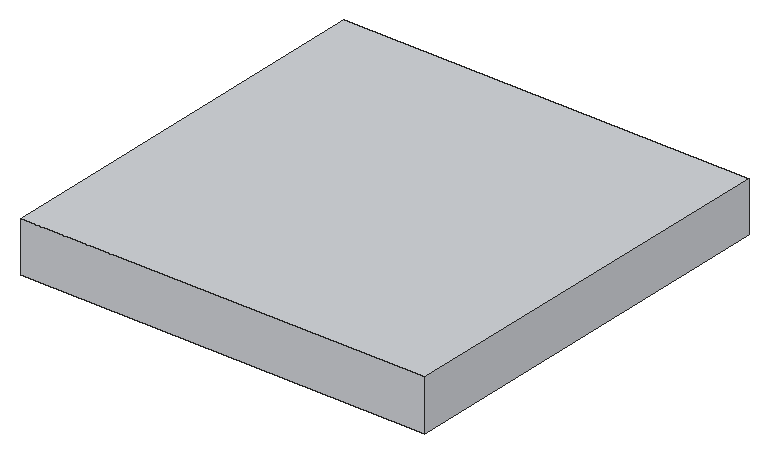
Revit family "00-8537-60-60", category Luminarias, Revit 2019
Family settings
  Anfitrión = Cara
  Cota de conector redondo = Diámetro de uso
  Tipo de pieza = Normal
  Número OmniClass = 23.80.70.00
  Título OmniClass = Lighting
  Corte con vacíos al cargar = No
  Origen de luz = No
  Compartido = Sí
  Punto de cálculo de habitación = No
Parameters (values of type "00-8537-60-60")
  Versión = "v1"
  Vatios (W) = 16.8
  Tipo de regulación = "0-10V / 1-10V / PUSH/ DALI"
  Tipo = "Pendant"
  Tender text (English) = "LEDS C4 Candle XS 5Bodies Chandelier 00-8537-60-60  Pendant for indoor use.   For downlighting. Structure material: Steel, Aluminium. Structure finish: Black. Diffuser material: Methacrylate. Diffuser finish: Transparent. Warranty: 5 Years.  Product net weight (Kg): 4.88 Product width or diameter (mm): 220 Product height (mm): 2500  Class 1. IP: IP20. LED. No. of lampholders or LEDs: 1. LED brand: CREE. Driver brand: TCI. Maximum power of light source: 15.6W. Colour temperature: 2700K. Colour rendering index: 80. MacAdam Steps: 2. Hours of life: 50.000h L80B20. UGR: 22.4. Photobiological risk: RG1. % de Flickering: &lt;5%. Real flux (lm): 844. Real lm/W: 50. Voltage / frequency range: 99-264/50-60Hz. Voltage: 9. Equipment included: Yes. Total power: 16.8. Power factor: 0.96. Dimmable equipment included: 0-10V / 1-10V / PUSH/ DALI."
  Tender text (Castellano) = "LEDS C4 Candle XS 5Bodies Chandelier 00-8537-60-60  Pendant for indoor use.   For downlighting. Structure material: Steel, Aluminium. Structure finish: Black. Diffuser material: Methacrylate. Diffuser finish: Transparent. Warranty: 5 Years.  Product net weight (Kg): 4.88 Product width or diameter (mm): 220 Product height (mm): 2500  Class 1. IP: IP20. LED. No. of lampholders or LEDs: 1. LED brand: CREE. Driver brand: TCI. Maximum power of light source: 15.6W. Colour temperature: 2700K. Colour rendering index: 80. MacAdam Steps: 2. Hours of life: 50.000h L80B20. UGR: 22.4. Photobiological risk: RG1. % de Flickering: &lt;5%. Real flux (lm): 844. Real lm/W: 50. Voltage / frequency range: 99-264/50-60Hz. Voltage: 9. Equipment included: Yes. Total power: 16.8. Power factor: 0.96. Dimmable equipment included: 0-10V / 1-10V / PUSH/ DALI."
  Temperatura color led (K) = "LED warm-white 2700K"
  Referencia = "00-8537-60-60"
  Rayo de luz = ""
  Producto descatalogado = "Catalogado EN"
  Pluma comercial = ""
  Peso neto (KG) = 4.88
  Material = "Steel, Aluminium, Methacrylate"
  Lumenes reales (lm) = 844
  LDT = "https://files.leds-c4.com/ldt/00-8537-60-60.html"
  Imagen web = "https://files.leds-c4.com/main-photo/00-8537-60-60"
  IfcExportType = "NOTDEFINED"
  IfcExportAs = "IfcLightFixture\r\nIfcLightFixture"
  IP = "IP20"
  IMC = "https://files.leds-c4.com/imc/00-8537-60-60.html"
  IK = ""
  Fuente de luz = ""
  Fotometría = "https://files.leds-c4.com/fm/00-8537-60-60.html"
  Ficha = "https://files.leds-c4.com/ft/en/00-8537-60-60.html"
  FechaVersion = "Creada: 23/12/2022"
  Familia = "Candle XS 5Bodies Chandelier"
  Fabricante = "LEDS C4"  # constant formula
  Etiqueta V/f = "100-240V/50-60Hz"
  Elevación por defecto = 1000 mm
  Eficiencia energética = "F"
  EAN13 = "8445386108018"
  DescripcionUniformat2010 = "Lighting"
  DescripcionUniclass2015 = "Lighting"
  DescripcionOmniclass = "Lighting"
  DescripcionGubimclass = "Iluminación interior"
  CodigoUniformat2010 = "D5040"
  CodigoUniclass2015 = "EF_70_80"
  CodigoOmniclass = "21-04 50 40"
  CodigoGubimclass = "50.60.50.20"
  Catálogo = "Decorative"
  Carga aparente = 0 VA
  CRI = 80
  Acabado = "Black, Transparent"
Reference planes
  plane 1 "Centro (Frontal/Posterior)": y = 0
  plane 2: z = 0
  plane 3 "Centro (Izquierda/Derecha)": x = 0
  plane 4 "Elevación de origen de luz": z = 0
  plane 5 "Eje de origen de luz (F/P)": y = 0
  plane 6 "Eje de origen de luz (I/D)": x = 0
Forms (mm)
  Extrusion 1, solid
    sketch origin (0, 0, 0) x (1, 0, 0) y (0, 1, 0)
      loop
        line (-1219.2, 1219.2) -> (-1219.2, -1219.2) -> (1219.2, -1219.2) -> (1219.2, 1219.2) -> (-1219.2, 1219.2)
    from 0 to -304.8
Dimensions and locks
  aligned and locked: plane 2 to Extrusion 1
  aligned and locked: level to Extrusion 1
Connectors
  electrical at (0, 0, 0)
    settings: on Extrusion 1, index 1, voltage 0 V, apparent load 0 VA, apparent load phase1 0 VA, apparent load phase2 0 VA, apparent load phase3 0 VA, power factor 1, load classification "Otro", number of poles 1, system type 31, power factor state 1, is connector primary yes, connector utility no, sub classification motor no, connector description ""
